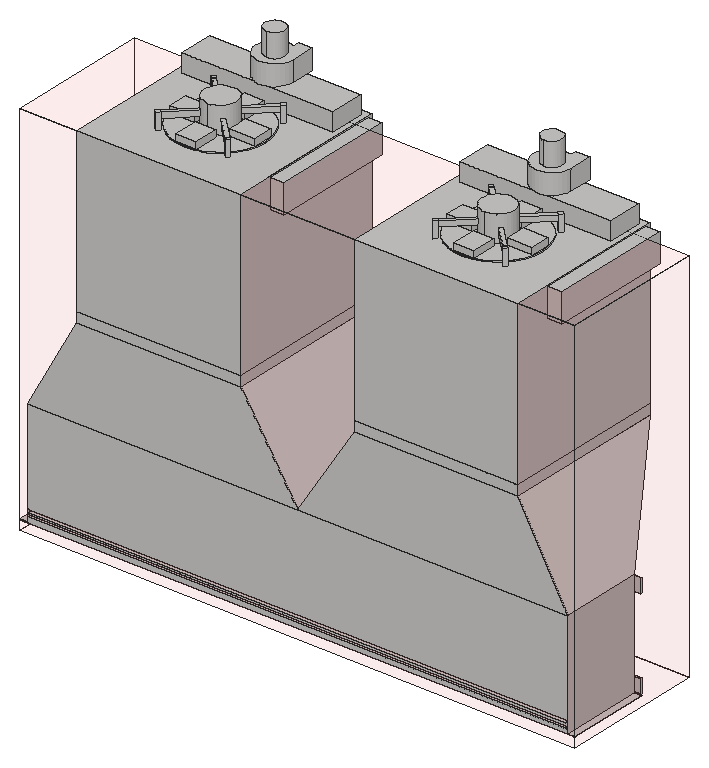
Revit family "Air-Curtain_Industrial_PoweredAire_Gas-Indirect-2Heater", category Mechanical Equipment, host Face, Revit 2023
Family settings
  Host = Face
  Round Connector Dimension = Use Diameter
  Part Type = Normal
  OmniClass Number = 23.75.35.17.21
  OmniClass Title = Air Curtains
  Cut with Voids When Loaded = No
  Maintain Annotation Orientation = No
  Shared = No
  Room Calculation Point = No
Parameters
  topbracket [instance] = Unit Height = 1' 4 3/4"  # yes
  Warranty Duration (Years) = 0
  Unit Width Notes = "Other Widths available."  # constant formula
  Unit Width = 9' - 3 5/32"
  Unit Weight = 0
  Unit Height = 1' - 4 3/4"
  Unit Depth = 1' - 9 1/4"
  URL = "http://www.poweredaire.com/"
  Test Data = ""
  Standards Conformance = "as Specified"
  Specification = "http://www.arcat.com/sdspecs/htm04/23_34_33pai.htm"
  SpecWizard = ""
  Sound Pressure = "as Specified"
  Sales Information = "http://www.poweredaire.com/contact_us"
  Revision = "R1_2016-08"
  Projection from Host [instance] = 0' - 2"
  Product Properties = ""
  Product Data = "http://www.arcat.com/arcatcos/cos47/arc47623.html"
  Power Rating = 0 W
  Piping_Operating Pressure [instance] = 0.00 psi
  Pipe OD [instance] = 5/8"
  Overall Depth = 6' - 1 3/4"
  Nozzle Width = if(1 = 1, Unit Width - 0' 3", 0' 0")  # 9' - 0 5/32"
  Mounting Width = if(1 = 1, Unit Width - 0' 1 1/2", 0' 0")  # 9' - 1 21/32"
  Mounting Height [instance] = 3' - 6"
  Motor RPM = 0
  Motor HP = 0
  Motor Count = 0
  Model = "As Specified"
  Max Height = 0' - 0"
  Manufacturer Website = "http://www.poweredaire.com/"
  Manufacturer Phone - Toll Free = "888-321-2473"
  Manufacturer Phone = "724-588-3305"
  Manufacturer Fax = "724-588-3371"
  Manufacturer Address = "109 Mortensen Rd.  Greenville, PA 16125"
  Manufacturer = "Powered Aire, Inc"
  Maintenance Schedule (Months) = 0
  Keynote = "23 34 33"
  Installation-Fabrication = ""
  Installation Phase = ""
  Include Clearance [instance] = yes
  Heating Element Load = 0 W
  Heater Weight = 0
  Heater Hanging Width = 2' - 6 5/8"
  Heater Finish [instance] = Metal - Steel - PoweredAire - Stainless 304
  HVAC_Temperature Rise = 0 °F
  HVAC_Primary CFM = 0 CFM
  HVAC_Outlet Volume = 0 CFM
  HVAC_Outlet Velocity Uniformity = 0
  HVAC_Outlet Velocity = 0 FPM
  HVAC_Exit Temperature [instance] = 0 °F
  HVAC_BTU Output = 0.0 Btu/h
  HVAC_BTU Input = 0.0 Btu/h
  Green Building-LEED = "http://www.arcat.com/green/clients/leed_data_47623.html"
  Gas Connection Diameter [instance] = 0"
  Frame Finish [instance] = Metal - Steel - PoweredAire - Stainless 304
  Expected Lifespan (Years) = 0
  Exhaust Connection Diameter = 0' - 5"
  Electrical_Wattage [instance] = Power Rating + Heating Element Load  # 0 W
  Electrical_Voltage [instance] = 0 V
  Electrical_Phase [instance] = 1
  Electrical_Frequency [instance] = 0 Hz
  Electrical_Amperage [instance] = 0 A
  Drawn By = "Sumex Design, Inc. / Robert S. Weygant, CSI, CDT, SCIP"
  Description = "Powered Aire Air Curtain as Specified"
  Default Elevation = 0' - 0"  # constant formula
  Copyright = "©Arcat Inc."
  Construction Details = "http://www.arcat.com/details/powair/prod3336.html"
  Clearance_Top [instance] = 1' - 0"
  Clearance_Side B [instance] = 0' - 0"
  Clearance_Side A [instance] = 0' - 0"
  Clearance_Intake [instance] = 0' - 0"
  Clearance_Bottom [instance] = 0' - 0"
  Clearance Material [instance] = ARCAT Clearance
  Building Codes = ""
  Available Options [instance] = "as Specified"
  Assembly Code = "D3090400"
Reference planes (in)
  plane 1 "Center (Elevation)": y = 0.13818
  plane 2: z = 0
  plane 3 "Center (Left/Right)": x = 0
  plane 4 "Top": y = 8.51318
  plane 5: y = -8.23682
  plane 6: x = -55.57812
  plane 7: x = 55.57813
  plane 8 "Front": z = 23.25
  plane 9 "FF": y = -41.86182
  plane 10: z = 2
  plane 11: x = 54.07813
  plane 12: x = -54.07812
  plane 13: y = 20.51318
  plane 14: y = -8.23682
  plane 15: x = -55.57812
  plane 16: x = 55.57813
  plane 17: z = 75.75
  plane 18: x = 54.01563
  plane 19: x = -54.01562
  plane 20: x = 54.07813
  plane 21: x = 54.07813
  plane 22: y = 6.01318
  plane 23: y = -5.73682
  plane 24: z = 75.75
  plane 25: z = 43.25
  plane 26: z = 41.25
  plane 27: x = -43.10156
  plane 28: x = -12.47656
  plane 29: x = -44.16406
  plane 30: x = -11.41406
  plane 31: x = 12.47656
  plane 32: x = 43.10156
  plane 33: x = 11.41406
  plane 34: x = 44.16406
  plane 35: x = -27.78906
  plane 36: x = 27.78906
Forms (in)
  Extrusion 1, solid, material "Metal - Steel - PoweredAire - Stainless 304" <- "Frame Finish"
    sketch origin (0, 0, 0) x (0, 1, 0) y (0, 0, 1)
      loop
        line (-8.23682, 2) -> (8.51318, 2) -> (8.51318, 23.25) -> (-8.23682, 23.25) -> (-8.23682, 2)
    from -54.07813 to 54.07812
  Extrusion 2, solid, material "ARCAT Clearance" <- "Clearance Material", visible <- "Include Clearance"
    sketch origin (0, 0, 0) x (0, 1, 0) y (0, 0, 1)
      loop
        line (-8.23682, 75.75) -> (-8.23682, 0) -> (20.51318, 0) -> (20.51318, 75.75) -> (-8.23682, 75.75)
    from -55.57812 to 55.57812
  Extrusion 3, solid, material "Metal - Steel - PoweredAire - Stainless 304" <- "Frame Finish"
    sketch origin (-15.17702, -180, 2) x (-1, 0, 0) y (0, -1, 0)
      loop
        line (-69.25515, -188.51318) -> (-69.25515, -171.76318) -> (-70.75515, -171.76318) -> (-70.75515, -188.51318) -> (-69.25515, -188.51318)
      loop
        line (38.9011, -188.51318) -> (40.4011, -188.51318) -> (40.4011, -171.76318) -> (38.9011, -171.76318) -> (38.9011, -188.51318)
    from 0 to 0.125
  Extrusion 4, solid, material "Metal - Steel - PoweredAire - Stainless 304" <- "Frame Finish", visible <- "topbracket"
    sketch origin (-11.83813, 8.51318, 48) x (-1, 0, 0) y (0, 0, 1)
      loop
        line (-65.91625, -45.5) -> (-65.91625, -42.75) -> (-67.41625, -42.75) -> (-67.41625, -45.5) -> (-65.91625, -45.5)
      loop
        line (-65.91625, -27.5) -> (-65.91625, -24.75) -> (-67.41625, -24.75) -> (-67.41625, -27.5) -> (-65.91625, -27.5)
      loop
        line (42.24, -45.5) -> (43.74, -45.5) -> (43.74, -42.75) -> (42.24, -42.75) -> (42.24, -45.5)
      loop
        line (42.24, -27.5) -> (43.74, -27.5) -> (43.74, -24.75) -> (42.24, -24.75) -> (42.24, -27.5)
    from 0 to -0.125
  Extrusion 5, void
    sketch origin (0, 0, 0) x (0, 1, 0) y (0, 0, 1)
      loop
        line (-8.23682, 3) -> (-7.23682, 3) -> (-7.23682, 4.5) -> (-8.23682, 4.5) -> (-8.23682, 3.82425) -> (-7.38364, 3.82425) -> (-7.38364, 3.57425) -> (-8.23682, 3.57425) -> (-8.23682, 3)
    from -54.01563 to 54.01562
  Blend 6, solid, material "Metal - Steel - PoweredAire - Stainless 304" <- "Frame Finish"
    base sketch origin (-15.17702, -180, 23.25) x (-1, 0, 0) y (0, -1, 0)
      loop
        line (38.9011, -188.51318) -> (38.9011, -171.76318) -> (-15.17702, -171.76318) -> (-15.17702, -188.51318) -> (38.9011, -188.51318)
    top sketch origin (-15.17702, -180, 23.25) x (-1, 0, 0) y (0, -1, 0)
      loop
        line (28.98704, -171.76318) -> (-3.76296, -171.76318) -> (-3.76296, -204.76318) -> (28.98704, -204.76318) -> (28.98704, -171.76318)
    from 0 to 18
  Blend 7, solid, material "Metal - Steel - PoweredAire - Stainless 304" <- "Frame Finish"
    base sketch origin (15.17702, -180, 23.25) x (1, 0, 0) y (0, 1, 0)
      loop
        line (38.9011, 188.51318) -> (-15.17702, 188.51318) -> (-15.17702, 171.76318) -> (38.9011, 171.76318) -> (38.9011, 188.51318)
    top sketch origin (15.17702, -180, 23.25) x (1, 0, 0) y (0, 1, 0)
      loop
        line (28.98704, 171.76318) -> (28.98704, 204.76318) -> (-3.76296, 204.76318) -> (-3.76296, 171.76318) -> (28.98704, 171.76318)
    from 0 to 18
Cuts and joins
  Extrusion 5 cuts Extrusion 1
Dimensions and locks (in)
  equal spacing: plane 4 "Top", plane 1 "Center (Elevation)", plane 5
  "Unit Height": plane 4 "Top" to plane 5
  "Unit Width": plane 6 to plane 7
  "Mounting Height": plane 1 "Center (Elevation)" to plane 9 "FF"
  "Projection from Host": plane 10 to level
  "Unit Depth": plane 8 "Front" to plane 10
  locked: plane 6 to plane 12 at 1.5
  locked: plane 11 to plane 7 at 1.5
  "Clearance_Side A": plane 7 to plane 16
  "Clearance_Side B": plane 15 to plane 6
  "Clearance_Top": plane 13 to plane 4 "Top"
  "Clearance_Bottom": plane 5 to plane 14
  "Clearance_Intake": plane 17 to plane 24
  Extrusion 5 sketch curve to Extrusion 5 sketch curve to Extrusion 5 sketch curve to Extrusion 5 sketch curve to plane 10 = 0' - 0.67575" locked, 0' - 0 1/4" locked, 0' - 0.57425" locked, 0' - 1" locked
  plane 5 to Extrusion 5 sketch curve to Extrusion 5 sketch curve = 0' - 0.85319" locked, 0' - 0.14681" locked
  locked: plane 19 to plane 12 at 0.0625
  locked: plane 11 to plane 18 at 0.0625
  locked: plane 20 to plane 11
  locked: plane 21 to plane 11
  locked: plane 4 "Top" to plane 22 at 2.5
  locked: plane 23 to plane 5 at 2.5
  "Overall Depth": plane 24 to plane 10
  locked: plane 25 to plane 26 at 2
  locked: plane 24 to plane 25 at 32.5
  locked: Blend 6 sketch curve to plane 5 at 33
  Extrusion 4 sketch curve to Extrusion 4 sketch curve to plane 10 = 0' - 2 3/4" locked, 0' - 0 1/2" locked  (x2)
  plane 8 "Front" to Extrusion 4 sketch curve to Extrusion 4 sketch curve = 0' - 0" locked, 0' - 2 3/4" locked  (x2)
  locked: plane 28 to plane 30 at 1.0625
  locked: plane 29 to plane 27 at 1.0625
  locked: plane 32 to plane 34 at 1.0625
  locked: plane 33 to plane 31 at 1.0625
  equal spacing: plane 6, plane 35, plane 3 "Center (Left/Right)", plane 36, plane 7
  equal spacing: plane 27, plane 35, plane 28
  "Heater Hanging Width": plane 27 to plane 28
  equal spacing: plane 31, plane 36, plane 32
  "Heater Hanging Width": plane 31 to plane 32
  locked: Blend 7 sketch curve to plane 5 at 33
  aligned and locked: plane 2 to host face
  aligned and locked: level to host face
  aligned and locked: Extrusion 2 sketch curve to plane 17
  aligned and locked: plane 14 to Extrusion 2 sketch curve
  aligned and locked: level to Extrusion 2 sketch curve
  aligned and locked: Extrusion 2 sketch curve to plane 13
  aligned and locked: plane 16 to Extrusion 2
  aligned and locked: Extrusion 2 to plane 15
  aligned and locked: plane 11 to Extrusion 1
  aligned and locked: Extrusion 1 to plane 12
  aligned and locked: Extrusion 1 sketch curve to plane 8 "Front"
  aligned and locked: plane 24 to nested 1
  aligned and locked: plane 5 to Blend 6 sketch curve
  aligned and locked: plane 12 to Blend 6 sketch curve
  aligned and locked: Blend 6 sketch curve to plane 4 "Top"
  aligned and locked: Blend 6 sketch curve to plane 5
  aligned and locked: plane 26 to Blend 6
  aligned and locked: plane 35 to nested 1
  aligned and locked: plane 36 to nested 2
  aligned and locked: plane 24 to nested 2
  aligned and locked: Blend 6 sketch curve to plane 3 "Center (Left/Right)"
  aligned and locked: Blend 6 sketch curve to plane 29
  aligned and locked: plane 30 to Blend 6 sketch curve
  aligned and locked: Blend 7 sketch curve to plane 5  (x2)
  aligned and locked: Blend 7 sketch curve to plane 3 "Center (Left/Right)"
  aligned and locked: plane 11 to Blend 7 sketch curve
  aligned and locked: Blend 7 sketch curve to plane 4 "Top"
  aligned and locked: plane 33 to Blend 7 sketch curve
  aligned and locked: Blend 7 sketch curve to plane 34
  aligned and locked: plane 18 to cut or joined group of Extrusion 1, Extrusion 5
  aligned and locked: cut or joined group of Extrusion 1, Extrusion 5 to plane 19
Automatic sketch dimensions
  host sketch curve to host sketch curve = 8' - 0"  (x2)
  Extrusion 1 sketch curve to plane 5 = 0' - 0"
  Extrusion 1 sketch curve to plane 4 "Top" = 0' - 0"
  Extrusion 1 sketch curve to plane 10 = 0' - 0"
  plane 4 "Top" to Extrusion 3 sketch curve = 0' - 0"
  Extrusion 3 sketch curve to plane 7 = 0' - 0"
  plane 5 to Extrusion 3 sketch curve = 0' - 0"
  Extrusion 3 sketch curve to plane 11 = 0' - 0"
  Extrusion 3 sketch curve to plane 4 "Top" = 0' - 0"
  Extrusion 3 sketch curve to plane 12 = 0' - 0"
  Extrusion 3 sketch curve to plane 6 = 0' - 0"
  Extrusion 3 sketch curve to plane 5 = 0' - 0"
  Extrusion 4 sketch curve to plane 7 = 0' - 0"  (x2)
  Extrusion 4 sketch curve to plane 11 = 0' - 0"  (x2)
  Extrusion 4 sketch curve to plane 12 = 0' - 0"  (x2)
  Extrusion 4 sketch curve to plane 6 = 0' - 0"  (x2)
  Extrusion 5 sketch curve to plane 5 = 0' - 0"  (x2)
Nested families (in)
  nested 1: "Heater" at (-27.78906, -8.23682, 43.2987) x (1, 0, 0) z (0, 1, 0), finish <- "Heater Finish", burner width <- "Heater Hanging Width", type "Heater"
    with finish Metal - Steel - PoweredAire - Stainless 304, burner width 2' - 6 5/8", Two Fan no, One Fan yes
  nested 2: "Heater" at (27.78906, -8.23682, 43.2987) x (1, 0, 0) z (0, 1, 0), finish <- "Heater Finish", burner width <- "Heater Hanging Width", type "Heater"
    with finish Metal - Steel - PoweredAire - Stainless 304, burner width 2' - 6 5/8", Two Fan no, One Fan yes
Connectors (in)
  electrical at (-54.07812, 0.13818, 12.625), driven by "Electrical_Voltage", driven by "Electrical_Phase"
    settings: on cut or joined group of Extrusion 1, Extrusion 5, index 3, voltage 0 V, apparent load 0 VA, apparent load phase1 0 VA, apparent load phase2 0 VA, apparent load phase3 0 VA, power factor 1, load classification "Motor", number of poles 1, system type 31, power factor state 1, is connector primary yes, connector utility no, sub classification motor no, connector description ""
  hvac at (-24.78906, 24.76318, 81.40625), driven by "Exhaust Connection Diameter", driven by "HVAC_Primary CFM"
    settings: on nested 1, index 4, duct flow 0 CFM, flow factor 0, pres drop 0.00 in-wg, loss coef 0, conn angle 0.00°, conn width 12", conn height 12", conn diameter 5", duct sys type 3, conn prof type 0, flow config 0, flow direction 2, loss method 0, conn ref index -1, conn util no, is conn primary yes, conn desc ""
  hvac at (30.78906, 24.76318, 81.40625), driven by "HVAC_Primary CFM", driven by "Exhaust Connection Diameter"
    settings: on nested 2, index 5, duct flow 0 CFM, flow factor 0, pres drop 0.00 in-wg, loss coef 0, conn angle 0.00°, conn width 12", conn height 12", conn diameter 5", duct sys type 3, conn prof type 0, flow config 0, flow direction 2, loss method 0, conn ref index -1, conn util no, is conn primary no, conn desc ""
Definition of nested family "Heater"
  Parameters
    finish [instance] = none
    burner width [instance] = 4' - 0 5/8"
    burner depth = 3' - 8 3/4"
    Two Fan [instance] = burner width > 4' 0"  # yes
    One Fan [instance] = burner width < 4' 0"  # no
    Default Elevation = 0' - 0"  # constant formula
  Reference planes (in)
    plane 1 "Center (Front/Back)": y = 0
    plane 2: z = 0
    plane 3 "Center (Left/Right)": x = 0
    plane 4: x = -25.375
    plane 5: x = 25.375
    plane 6: z = 33
    plane 7: y = -44.75
    plane 8: x = 3
    plane 9: x = 4.375
    plane 10: x = -12.6875
    plane 11: x = 12.6875
    plane 12: z = 15.5
    plane 13: x = -24.3125
    plane 14: x = 24.3125
  Forms (in)
    Extrusion 1, solid, material <- "finish"
      sketch origin (-74.94554, -3, 38.65968) x (0, 0, 1) y (1, 0, 0)
        loop
          line (-5.65968, 49.57054) -> (-5.65968, 100.32054) -> (-38.65968, 100.32054) -> (-38.65968, 49.57054) -> (-5.65968, 49.57054)
      from 3 to -29.4513
    Extrusion 2, solid, material <- "finish"
      sketch origin (0, 0, 0) x (0, 1, 0) y (0, 0, 1)
        loop
          line (2, 0) -> (2, 33) -> (0, 33) -> (0, 0) -> (2, 0)
      from -25.375 to 25.375
    Extrusion 3, solid, material <- "finish"
      sketch origin (-74.94554, -32.4513, 38.65968) x (0, 0, 1) y (1, 0, 0)
        loop
          line (-6.91591, 50.82971) -> (-6.91591, 99.10844) -> (-13.91591, 99.10844) -> (-13.91591, 50.82971) -> (-6.91591, 50.82971)
      from 0 to -3.625
    Extrusion 4, solid, material <- "finish"
      sketch origin (-74.94554, -36.0763, 38.65968) x (0, 0, 1) y (1, 0, 0)
        loop
          arc (-10.4052, 79.32054) -> (-12.67312, 72.60509) -> (-6.79809, 76.57054) r 3.74068
          line (-6.79809, 76.57054) -> (-5.65968, 76.57054) -> (-5.65968, 79.32054) -> (-10.4052, 79.32054)
      from 0 to -4.0625
    Extrusion 5, solid, material <- "finish"
      sketch origin (-73.58006, -40.1388, 35.52564) x (0, 0, -1) y (1, 0, 0)
        loop
          circle (7.27116, 74.21438) r 2
      from 4.6112 to 0
    Extrusion 6, solid, material <- "finish"
      sketch origin (0, 0, 0) x (1, 0, 0) y (0, 1, 0)
        loop
          line (28.3125, -32.4513) -> (28.3125, -26.7013) -> (25.3125, -26.7013) -> (25.3125, -32.4513) -> (28.3125, -32.4513)
      from 7.25 to 31.75
    Extrusion 7, solid, material <- "finish", visible <- "Two Fan"
      sketch origin (0, 0, 0) x (0, 1, 0) y (0, 0, 1)
        loop
          line (-32.4513, 6.22268) -> (-44.15658, 5.1986) -> (-44.15658, 4.4486) -> (-32.4513, 4.85736) -> (-32.4513, 6.22268)
      from -25.375 to 25.375
  Dimensions and locks (in)
    locked: Extrusion 4 sketch curve to Extrusion 4 sketch curve at 2.75
    "burner width": plane 13 to plane 14
    locked: plane 6 to level at 33
    "burner depth": plane 7 to plane 1 "Center (Front/Back)"
    locked: plane 8 to plane 9 at 1.375
    Extrusion 4 sketch curve to Extrusion 4 sketch curve to plane 8 = 0' - 0.99068" locked, 0' - 1 3/8" locked
    locked: Extrusion 5 sketch curve to plane 8 at 2.36568
    locked: plane 8 to plane 3 "Center (Left/Right)" at 3
    Extrusion 6 sketch curve to plane 5 to Extrusion 6 sketch curve = 0' - 0 1/16" locked, 0' - 2 15/16" locked
    equal spacing: plane 5, plane 11, plane 3 "Center (Left/Right)", plane 10, plane 4
    locked: plane 4 to plane 13 at 1.0625
    locked: plane 14 to plane 5 at 1.0625
    aligned and locked: plane 2 to level
    aligned: Extrusion 4 to Extrusion 5
    aligned: Extrusion 3 to Extrusion 2  (x2)
    aligned and locked: plane 7 to Extrusion 5
    aligned and locked: plane 4 to Extrusion 1 sketch curve
    aligned and locked: Extrusion 1 sketch curve to plane 5
    aligned and locked: Extrusion 7 to plane 4
    aligned and locked: plane 5 to Extrusion 7
    aligned and locked: plane 12 to nested 1
    aligned and locked: plane 3 "Center (Left/Right)" to nested 1
    aligned and locked: plane 12 to nested 3
    aligned and locked: plane 11 to nested 3
    aligned and locked: plane 10 to nested 2
    aligned and locked: plane 12 to nested 2
    aligned and locked: plane 5 to Extrusion 2
    aligned and locked: Extrusion 2 to plane 4
  Automatic sketch dimensions
    Extrusion 1 to Extrusion 3 sketch curve = 0' - 1.25917"
    Extrusion 1 to Extrusion 3 sketch curve = 0' - 8.25624"
    Extrusion 1 to Extrusion 3 sketch curve = 0' - 1.2121"
    Extrusion 1 to Extrusion 3 sketch curve = 0' - 1.25624"
    Extrusion 4 sketch curve to Extrusion 3 = 0' - 0.11782"
    Extrusion 4 sketch curve to Extrusion 3 = 0' - 1.25624"
    Extrusion 5 sketch curve to Extrusion 4 = 0' - 4.74552"
    Extrusion 1 sketch curve to level = 0' - 0"
    Extrusion 1 sketch curve to plane 6 = 0' - 0"
    Extrusion 2 sketch curve to level = 0' - 0"
    Extrusion 2 sketch curve to plane 1 "Center (Front/Back)" = 0' - 0"
    Extrusion 2 sketch curve to plane 6 = 0' - 0"
    Extrusion 2 sketch curve to Extrusion 2 sketch curve = 0' - 2"
    Extrusion 6 sketch curve to plane 7 = 1' - 0.2987"
    Extrusion 6 sketch curve to Extrusion 6 sketch curve = 0' - 5 3/4"
    Extrusion 7 sketch curve to plane 7 = 0' - 0.59342"
    level to Extrusion 7 sketch curve = 0' - 4.4486"
    Extrusion 7 sketch curve to Extrusion 7 sketch curve = 0' - 0 3/4"
    level to Extrusion 7 sketch curve = 0' - 4.85736"
    Extrusion 7 sketch curve to Extrusion 7 sketch curve = 0' - 11.70529"
    Extrusion 7 sketch curve to Extrusion 7 sketch curve = 0' - 1.36532"
    radius of Extrusion 5 sketch curve = 0' - 2"
  Nested families (in)
    nested 1: "FanControls" at (0, -32.4513, 15.5) x (1, 0, 0) z (0, -1, 0), finish <- "finish", visible <- "One Fan", type "FanControls"
      with finish none
    nested 2: "FanControls" at (-12.6875, -32.4513, 15.5) x (1, 0, 0) z (0, -1, 0), finish <- "finish", visible <- "Two Fan", type "FanControls"
      with finish none
    nested 3: "FanControls" at (12.6875, -32.4513, 15.5) x (1, 0, 0) z (0, -1, 0), finish <- "finish", visible <- "Two Fan", type "FanControls"
      with finish none
  Definition of nested family "FanControls"
    Parameters
      finish [instance] = none
      Default Elevation = 4' - 0"
    Reference planes (in)
      plane 1 "Center (Front/Back)": y = 0
      plane 2: z = 0
      plane 3 "Center (Left/Right)": x = 0
    Forms (in)
      Extrusion 1, solid, material <- "finish"
        sketch origin (-75.00804, 32.07233, 0) x (1, 0, 0) y (0, -1, 0)
          loop
            circle (75.00804, 32.07233) r 3.25
        from -5.33075 to 0
      Extrusion 2, solid, material <- "finish"
        sketch origin (24.44581, -78.06044, 0) x (1, 0, 0) y (0, -1, 0)
          loop
            line (-22.50831, -86.58776) -> (-22.50831, -81.58776) -> (-26.50831, -81.58776) -> (-26.50831, -86.58776) -> (-22.50831, -86.58776)
          loop
            line (-22.50831, -69.53312) -> (-26.50831, -69.53312) -> (-26.50831, -74.53312) -> (-22.50831, -74.53312) -> (-22.50831, -69.53312)
          loop
            line (-15.98099, -76.06044) -> (-20.98099, -76.06044) -> (-20.98099, -80.06044) -> (-15.98099, -80.06044) -> (-15.98099, -76.06044)
          loop
            line (-33.03563, -76.06044) -> (-33.03563, -80.06044) -> (-28.03563, -80.06044) -> (-28.03563, -76.06044) -> (-33.03563, -76.06044)
        from 0 to -1.37288
      Extrusion 3, solid, material <- "finish"
        sketch origin (-75.00804, 21.40968, 0) x (1, 0, 0) y (0, -1, 0)
          loop
            line (68.02536, 14.95733) -> (68.55569, 14.427) -> (75.00804, 20.87935) -> (81.46039, 14.427) -> (81.99072, 14.95733) -> (75.53837, 21.40968) -> (81.99072, 27.86203) -> (81.46039, 28.39236) -> (75.00804, 21.94001) -> (68.55569, 28.39236) -> (68.02536, 27.86203) -> (74.47771, 21.40968) -> (68.02536, 14.95733)
        from -3.1123 to -2
      Extrusion 4, solid, material <- "finish"
        sketch origin (-75.00804, 21.40968, 0) x (1, 0, 0) y (0, -1, 0)
          loop
            line (68.02536, 13.89667) -> (68.55569, 14.427) -> (68.02536, 14.95733) -> (67.49503, 14.427) -> (68.02536, 13.89667)
          loop
            line (82.52105, 14.427) -> (81.99072, 14.95733) -> (81.46039, 14.427) -> (81.99072, 13.89667) -> (82.52105, 14.427)
          loop
            line (81.99072, 28.92269) -> (81.46039, 28.39236) -> (81.99072, 27.86203) -> (82.52105, 28.39236) -> (81.99072, 28.92269)
          loop
            line (67.49503, 28.39236) -> (68.02536, 27.86203) -> (68.55569, 28.39236) -> (68.02536, 28.92269) -> (67.49503, 28.39236)
        from 0 to -3.1123
      Extrusion 5, solid, material <- "finish"
        sketch origin (0, 0, 0) x (1, 0, 0) y (0, 1, 0)
          loop
            circle (0, 0) r 9
        from 0 to 0.14961
    Dimensions and locks (in)
      Extrusion 4 sketch curve to Extrusion 4 sketch curve to Extrusion 4 sketch curve to Extrusion 4 sketch curve = 0' - 0.53033" locked, 0' - 0" locked, 0' - 0.53033" locked  (x4)
      Extrusion 3 sketch curve to Extrusion 3 sketch curve to Extrusion 3 sketch curve to Extrusion 3 sketch curve to Extrusion 3 sketch curve = 0' - 5.92202" locked, 0' - 0" locked, 0' - 0.53033" locked, 0' - 0" locked
      Extrusion 3 sketch curve to Extrusion 3 sketch curve to Extrusion 3 sketch curve to Extrusion 3 sketch curve to Extrusion 3 sketch curve = 0' - 0" locked, 0' - 0.53033" locked, 0' - 0" locked, 0' - 5.92202" locked
      locked: Extrusion 2 sketch curve to Extrusion 2 sketch curve at 5  (x2)
      aligned and locked: plane 2 to level
